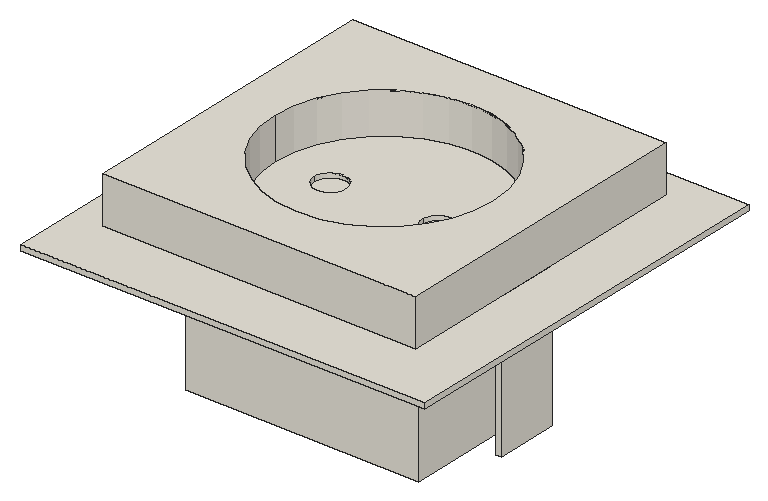
Revit family "Gira_018801", category Electrical Fixtures, host Face, Revit 2017
Family settings
  Host = Face
  Maintain Annotation Orientation = Yes
  Round Connector Dimension = Use Diameter
  Part Type = Normal
  Cut with Voids When Loaded = No
  Shared = No
  Room Calculation Point = No
Parameters (values of type "SCHUKO System 55 Cremeweiß")
  Überspannungsschutz = "No"
  Werkstoffgüte = "sonstige"
  Werkstoff = "sonstige"
  Verdrehter Zentraleinsatz = "No"
  URL = "http://katalog.gira.de/de_DE/datenblatt.html?artikelnr=018801"
  Transparent = "No"
  Textfeld/Beschriftungsfläche = "No"
  Sonderstromversorgung = "ohne Sonderstromversorgung"
  Schutzleiterkontakt rund = "No"
  Schutzkontakt = "Yes"
  Region = "DE"
  RAL-Nummer (ähnlich) = "1013 "
  Oberfläche = "sonstige"
  Nennstrom = "16 Ampere"
  Nennspannung = "250 Volt"
  Name = "SCHUKO System 55 Cremeweiß"
  Montageart = "unter Putz"
  Model = "SYS55_Steckdose"
  Mit erhöhtem Berührungsschutz = "No"
  Mit eingebauter USB-Spannungsversorgung = "No"
  Mit Signallampe = "No"
  Mit Orientierungsbeleuchtung = "No"
  Mit Klappdeckel = "No"
  Mit Funktionsbeleuchtung = "No"
  Mit Feinsicherung = "No"
  Mit Ein-/Ausschalter = "No"
  Mit Durchschleiffunktion = "No"
  Min. Tiefe der Gerätedose = "0.032 m"
  Manufacturer URL = "https://www.gira.de/"
  Isolierter Einbau = "No"
  HeinzeBIM = "https://bimportal.heinze.de/bim/schuko-system-55-cremeweiss/bfbc8aa5c72f47a5945b1f0396a94cca7988029d"
  Halogenfrei = "Yes"
  HAN = "018801"
  Geeignet für Schutzart (IP) = "IP20"
  GTIN = "4010337188018"
  Für "erschwerte Bedingungen" (nach VDE) = "No"
  Frequenz = "50 - 50"
  Fehlerstromschutz = "No"
  Farbe = "cremeweiß (elektroweiß)"
  Default Elevation = 1219.2 mm
  Data sheet (1) = "https://katalog.gira.de/de_DE/download.html?artikelnr=018801"
  Cremeweiß glänzend = Cremeweiß glänzend
  Category = "Steckdose"
  Befestigungsart = "Krallen-/Schraubbefestigung"
  Available = "Yes"
  Auswurfmechanismus = "No"
  Ausführung der Oberfläche = "glänzend"
  Ausführung = "Schuko"
  Aufdruck/Kennzeichnung = "ohne Aufdruck"
  Anzahl der Steckdosen schaltbar = "0 "
  Anzahl der Module (bei Modulbauweise) = "1 "
  Anzahl der Einheiten = "1 "
  Antibakterielle Behandlung = "No"
  Anschlussart = "Steckklemme"
  Abschließbar = "No"
Reference planes
  plane 1 "Center (Front/Back)": y = 0
  plane 2 "Reference Level 0": z = 0
  plane 3 "Center (Left/Right)": x = 0
  plane 4: x = 9.5
  plane 5: x = -9.5
  plane 6: x = 9.5
  plane 7: x = -9.5
  plane 8: x = 9.5
  plane 9: x = -9.5
  plane 10: x = 17.5
  plane 11 "Reference Level 1": z = 8.2
Forms (mm)
  Extrusion 1, solid, material "Cremeweiß glänzend" <- "Cremeweiß glänzend", detail levels coarse
    sketch origin (0, 0, 0) x (1, 0, 0) y (0, 1, 0)
      loop
        line (-35.5, 35.5) -> (-35.5, -35.5) -> (35.5, -35.5) -> (35.5, 35.5) -> (-35.5, 35.5)
    from -27.5 to 8.2
  Extrusion 2, solid, material "Cremeweiß glänzend" <- "Cremeweiß glänzend", detail levels medium+fine
    sketch origin (0, 0, 0) x (1, 0, 0) y (0, 1, 0)
      loop
        line (-35.5, 35.5) -> (-35.5, -35.5) -> (35.5, -35.5) -> (35.5, 35.5) -> (-35.5, 35.5)
    from -2.2 to -3.2
  Extrusion 3, solid, material "Cremeweiß glänzend" <- "Cremeweiß glänzend", detail levels medium+fine
    sketch origin (0, 0, 0) x (1, 0, 0) y (0, 1, 0)
      loop
        line (-27.5, 27.5) -> (-27.5, -27.5) -> (27.5, -27.5) -> (27.5, 27.5) -> (-27.5, 27.5)
      loop
        circle (0, 0) r 19.2
    from 0 to 8.2
  Extrusion 4, solid, material "Cremeweiß glänzend" <- "Cremeweiß glänzend", detail levels fine
    sketch origin (0, 0, 0) x (1, 0, 0) y (0, 1, 0)
      loop
        circle (0, 0) r 19.2
      loop
        circle (9.5, 0) r 2.8
      loop
        circle (-9.5, 0) r 2.8
    from 0 to 1
  Extrusion 5, solid, material "Cremeweiß glänzend" <- "Cremeweiß glänzend", detail levels fine
    sketch origin (0, 0, 0) x (1, 0, 0) y (0, 1, 0)
      loop
        circle (-9.5, 0) r 2.8
      loop
        circle (9.5, 0) r 2.8
    from -2.2 to 0.3
  Extrusion 6, solid, material "Cremeweiß glänzend" <- "Cremeweiß glänzend", detail levels medium
    sketch origin (0, 0, 0) x (1, 0, 0) y (0, 1, 0)
      loop
        circle (0, 0) r 19.2
      loop
        circle (9.5, 0) r 2.8
      loop
        circle (-9.5, 0) r 2.8
    from 7.2 to 8.2
  Extrusion 7, solid, material "Cremeweiß glänzend" <- "Cremeweiß glänzend", detail levels medium
    sketch origin (0, 0, 0) x (1, 0, 0) y (0, 1, 0)
      loop
        circle (-9.5, 0) r 2.8
      loop
        circle (9.5, 0) r 2.8
    from 7.2 to 8.2
  Extrusion 8, solid, material "Cremeweiß glänzend" <- "Cremeweiß glänzend", detail levels medium+fine
    sketch origin (0, 0, 0) x (1, 0, 0) y (0, 1, 0)
      loop
        line (-20.5, 9) -> (-20.5, -18) -> (20.5, -18) -> (20.5, 9) -> (17.5, 9) -> (3, 21) -> (3, 24) -> (-3, 24) -> (-3, 21) -> (-17.5, 9) -> (-20.5, 9)
    from 0 to -27.5
  Extrusion 9, solid, material "Cremeweiß glänzend" <- "Cremeweiß glänzend", detail levels medium+fine
    sketch origin (0, 0, 0) x (1, 0, 0) y (0, 1, 0)
      loop
        line (-25, 5.5) -> (-25, -5.5) -> (-24, -5.5) -> (-24, 5.5) -> (-25, 5.5)
    from 0 to -27.5
  Extrusion 10, solid, material "Cremeweiß glänzend" <- "Cremeweiß glänzend", detail levels medium+fine
    sketch origin (0, 0, 0) x (-1, 0, 0) y (0, -1, 0)
      loop
        line (-25, 5.5) -> (-25, -5.5) -> (-24, -5.5) -> (-24, 5.5) -> (-25, 5.5)
    from 0 to -27.5
Dimensions and locks
  aligned and locked: plane 2 "Reference Level 0" to host face
  aligned and locked: level to host face
  aligned and locked: plane 3 "Center (Left/Right)" to nested 1
  aligned and locked: plane 1 "Center (Front/Back)" to nested 1
Nested families
  nested 1: "Steckdose 1-fach Beschriftung" at (0, 0, 0), type "Steckdose 1-fach Beschriftung"
Connectors
  electrical at (0, 9, -27.5)
    settings: on Extrusion 8, index 1, voltage 220 V, apparent load 0 VA, apparent load phase1 0 VA, apparent load phase2 0 VA, apparent load phase3 0 VA, power factor 1, load classification "Other", number of poles 1, system type 31, power factor state 1, is connector primary yes, connector utility no, sub classification motor no, connector description ""
Definition of nested family "Steckdose 1-fach Beschriftung"
  Reference planes
    plane 1: y = 0
    plane 2: x = 0
  Lines and regions (mm)
    detail lines
      curve 1: line (0, 0, 0) -> (0, 2, 0)
      curve 3: line (0, 2, 0) -> (-1, 2, 0)
      curve 4: arc (1, 3, 0) -> (0, 2, 0) -> (-1, 3, 0) r 1
      curve 5: line (0, 2, 0) -> (1, 2, 0)
    reference lines
      curve 2: line (-0.485, 3, 0) -> (2.315, 3, 0)
  Dimensions and locks
    curve 1 to curve 1 = 2 mm
    plane 1 to curve 2 = 3 mm
    curve 3 to curve 3 = 1 mm
